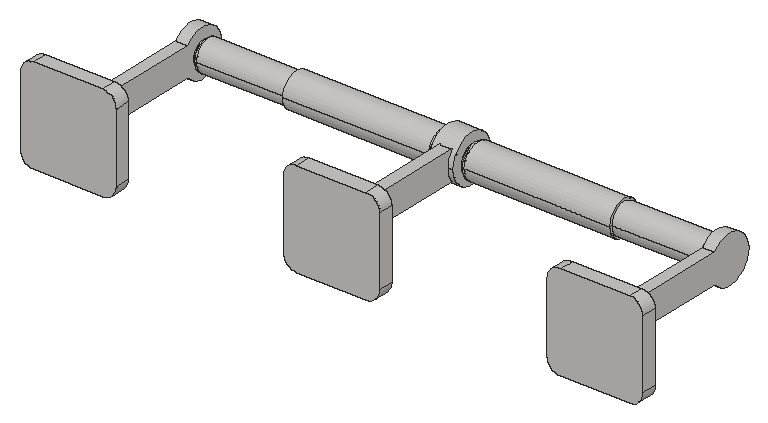
Revit family "SA-2410", category Plumbing Fixtures, host Wall, Revit 2023
Family settings
  Host = Wall
  Round Connector Dimension = Use Diameter
  Part Type = Normal
  OmniClass Number = 23.45.00.00
  OmniClass Title = Sanitary, Laundry, and Cleaning Equipment
  Enable Cutting in Views = No
  Always vertical = Yes
  Cut with Voids When Loaded = No
  Maintain Annotation Orientation = No
  Shared = No
  Room Calculation Point = No
Parameters
  Default Elevation = 0' - 0"
Reference planes (in)
  plane 1: y = 0
  plane 2 "Center (Left/Right)": x = -0.47711
  plane 3 "Back": y = 3
  plane 4: z = 36
  plane 5: x = 5.52289
  plane 6: x = -6.47711
  plane 7: x = 6.61664
  plane 8: x = 4.42914
  plane 9: z = 37.09375
  plane 10: z = 34.90625
  plane 11: x = 0.61664
  plane 12: x = -1.57086
  plane 13: z = 37.09375
  plane 14: z = 34.90625
  plane 15: x = -5.38336
  plane 16: x = -7.57086
  plane 17: z = 37.09375
  plane 18: z = 34.90625
  plane 19: y = 6.65625
  plane 20: y = 7.1875
Forms (in)
  Extrusion 1, solid, material "Metals finish"
    sketch origin (-60, 3, 0) x (-1, 0, 0) y (0, 0, 1)
      loop
        arc (-66.3101, 37.09375) -> (-66.52686, 37.00397) -> (-66.61664, 36.78721) r 0.30654
        line (-66.61664, 36.78721) -> (-66.61664, 35.21279)
        arc (-66.61664, 35.21279) -> (-66.52686, 34.99603) -> (-66.3101, 34.90625) r 0.30654
        line (-66.3101, 34.90625) -> (-64.73569, 34.90625)
        arc (-64.73569, 34.90625) -> (-64.51893, 34.99603) -> (-64.42914, 35.21279) r 0.30654
        line (-64.42914, 35.21279) -> (-64.42914, 36.78721)
        arc (-64.42914, 36.78721) -> (-64.51893, 37.00397) -> (-64.73569, 37.09375) r 0.30654
        line (-64.73569, 37.09375) -> (-66.3101, 37.09375)
      loop
        arc (-60.3101, 37.09375) -> (-60.52686, 37.00397) -> (-60.61664, 36.78721) r 0.30654
        line (-60.61664, 36.78721) -> (-60.61664, 35.21279)
        arc (-60.61664, 35.21279) -> (-60.52686, 34.99603) -> (-60.3101, 34.90625) r 0.30654
        line (-60.3101, 34.90625) -> (-58.73569, 34.90625)
        arc (-58.73569, 34.90625) -> (-58.51893, 34.99603) -> (-58.42914, 35.21279) r 0.30654
        line (-58.42914, 35.21279) -> (-58.42914, 36.78721)
        arc (-58.42914, 36.78721) -> (-58.51893, 37.00397) -> (-58.73569, 37.09375) r 0.30654
        line (-58.73569, 37.09375) -> (-60.3101, 37.09375)
      loop
        arc (-54.3101, 37.09375) -> (-54.52686, 37.00397) -> (-54.61664, 36.78721) r 0.30654
        line (-54.61664, 36.78721) -> (-54.61664, 35.21279)
        arc (-54.61664, 35.21279) -> (-54.52686, 34.99603) -> (-54.3101, 34.90625) r 0.30654
        line (-54.3101, 34.90625) -> (-52.73569, 34.90625)
        arc (-52.73569, 34.90625) -> (-52.51893, 34.99603) -> (-52.42914, 35.21279) r 0.30654
        line (-52.42914, 35.21279) -> (-52.42914, 36.78721)
        arc (-52.42914, 36.78721) -> (-52.51893, 37.00397) -> (-52.73569, 37.09375) r 0.30654
        line (-52.73569, 37.09375) -> (-54.3101, 37.09375)
    from 0 to 0.33424
  Extrusion 2, solid, material "Metals finish"
    sketch origin (-0.47711, 0, 0) x (0, 1, 0) y (0, 0, 1)
      loop
        line (3.33424, 36.32951) -> (3.33424, 35.67049) -> (6.23953, 35.67049)
        arc (6.23953, 35.67049) -> (7.1875, 36) -> (6.23953, 36.32951) r 0.53125
        line (6.23953, 36.32951) -> (3.33424, 36.32951)
    from 5.86182 to 6.13818
  Extrusion 3, solid, material "Metals finish"
    sketch origin (-6.47711, 0, 0) x (0, 1, 0) y (0, 0, 1)
      loop
        line (3.33424, 36.32951) -> (3.33424, 35.67049) -> (6.23788, 35.67049)
        arc (6.23788, 35.67049) -> (6.1237, 36) -> (6.23788, 36.32951) r 0.53255
        line (6.23788, 36.32951) -> (3.33424, 36.32951)
    from 5.86182 to 6.13818
  Extrusion 4, solid, material "Metals finish"
    sketch origin (-12.47711, 0, 0) x (0, 1, 0) y (0, 0, 1)
      loop
        line (3.33424, 36.32951) -> (3.33424, 35.67049) -> (6.23953, 35.67049)
        arc (6.23953, 35.67049) -> (7.1875, 36) -> (6.23953, 36.32951) r 0.53125
        line (6.23953, 36.32951) -> (3.33424, 36.32951)
    from 5.86182 to 6.13818
  Revolve 5, solid, material "Metals finish"
    sketch origin (0, -0.16641, 36) x (1, 0, 0) y (0, 1, 0)
      loop
        line (5.38471, 7.10386) -> (5.34613, 7.10386)
        arc (5.34613, 7.10386) -> (5.31505, 7.11331) -> (5.29447, 7.13844) r 0.05587
        line (5.29447, 7.13844) -> (5.28177, 7.16924) -> (5.24883, 7.16924) -> (3.24883, 7.16924) -> (3.24883, 7.21314) -> (-0.07203, 7.21314) -> (-0.10498, 7.21314) -> (-0.11768, 7.18234)
        arc (-0.11768, 7.18234) -> (-0.13826, 7.15721) -> (-0.16934, 7.14777) r 0.05587
        line (-0.16934, 7.14777) -> (-0.20792, 7.14777) -> (-0.20792, 6.82266) -> (5.38471, 6.82266) -> (5.38471, 7.10386)
      axis (-0.20792, 6.82266) -> (5.38471, 6.82266)
    angle from 0 to 360
  Extrusion 6, solid, material "Metals finish"
    sketch origin (-0.47675, 0, 0) x (0, 1, 0) y (0, 0, -1)
      loop
        circle (6.65625, -36) r 0.53255
    from -0.26883 to 0.26919
  Revolve 7, solid, material "Metals finish"
    sketch origin (-0.95422, -0.16641, 36) x (-1, 0, 0) y (0, -1, 0)
      loop
        line (5.38471, -7.10386) -> (5.38471, -6.82266) -> (-0.20792, -6.82266) -> (-0.20792, -7.14777) -> (-0.16934, -7.14777)
        arc (-0.16934, -7.14777) -> (-0.13826, -7.15721) -> (-0.11768, -7.18234) r 0.05587
        line (-0.11768, -7.18234) -> (-0.10498, -7.21314) -> (-0.07203, -7.21314) -> (3.24883, -7.21314) -> (3.24883, -7.16924) -> (5.24883, -7.16924) -> (5.28177, -7.16924) -> (5.29447, -7.13844)
        arc (5.29447, -7.13844) -> (5.31505, -7.11331) -> (5.34613, -7.10386) r 0.05587
        line (5.34613, -7.10386) -> (5.38471, -7.10386)
      axis (-0.20792, -6.82266) -> (5.38471, -6.82266)
    angle from 0 to 360
Text (in)
  text "Placement Side" at (0, 40.15149, 123.01588), in view "Right"
  text "Placement Side" at (-70.3804, 45.82615, 0), in view "Ref. Level"
  text "Placement Side" at (0, 47.49176, 113.10569), in view "Left"
Dimensions and locks (in)
  locked: plane 3 "Back" to host wall
  Extrusion 1 to Extrusion 1 = 0' - 2 3/16"
  plane 2 "Center (Left/Right)" to plane 5 = 0' - 6"
  plane 2 "Center (Left/Right)" to plane 6 = 0' - 6"
  Extrusion 1 to plane 20 = 0' - 4 3/16"
  plane 3 "Back" to plane 19 = 0' - 3 21/32"
